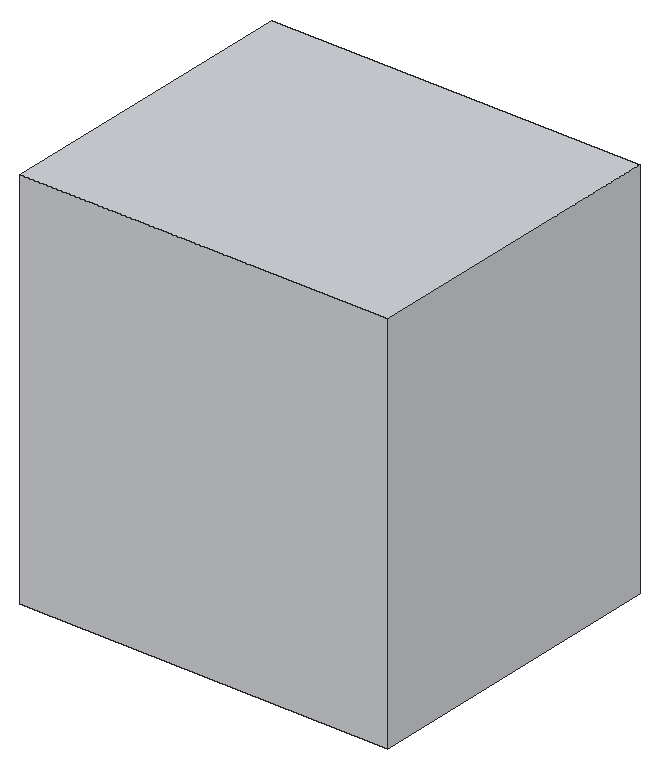
Revit family "M_Ventilador AHU da cobertura", category Equipamento mecânico, Revit 2019
Family settings
  Cota do conector redondo = Utilizar diâmetro
  Tipo de parte = Normal
  Número OmniClass = 23.75.35.14
  Título OmniClass = Air Handling Units
  ID de item do Seek = Rooftop AHU Fan-0000-CAN-ENU
  Com base no plano de trabalho = Não
  Sempre na vertical = Sim
  Corte com vazios quando carregada = Não
  Compartilhado = Não
  Ponto de cálculo do ambiente = Não
Parameters (values of type "Ventilador centrífugo - 700 L/s")
  Voltagem = 460 V
  Largura da unidade = Largura do duto  # 900 mm
  Comprimento da unidade = 1050 mm
  Altura da unidade = Altura do duto  # 1100 mm
  Forma da peça = "Duto retangular"
  Número de pólos = 3
  Modelo = "Tamanho do exterior 03"
  Classificação de carga = Refrigeração
  Pressão estática externa [instance] = 1120.0 Pa
  Largura do duto = 900 mm
  Altura do duto = 1100 mm
  Carga aparente = 626 VA
  Fluxo de ar [instance] = 700.0 L/s
Types (30, lengths in mm): name | Largura da unidade | Comprimento da unidade | Altura da unidade | Modelo | Pressão estática externa | Largura do duto | Altura do duto | Carga aparente | Fluxo de ar
  Ventilador do plenum - 700 L/s | 900 | 1200 | 1100 | "Tamanho do exterior 03" | 1493.0 Pa | 900 | 1100 | 626 VA | 700.0 L/s
  Ventilador do plenum - 1400 L/s | 1250 | 1400 | 1100 | "Tamanho do exterior 06" | 1493.0 Pa | 1250 | 1100 | 939 VA | 1400.0 L/s
  Ventilador do plenum - 1900 L/s | 1450 | 1100 | 1200 | "Tamanho do exterior 08" | 1493.0 Pa | 1450 | 1200 | 1252 VA | 1900.0 L/s
  Ventilador do plenum - 2350 L/s | 1800 | 1100 | 1200 | "Tamanho do exterior 10" | 1493.0 Pa | 1800 | 1200 | 1878 VA | 2350.0 L/s
  Ventilador do plenum - 2800 L/s | 1800 | 1200 | 1350 | "Tamanho do exterior 12" | 1493.0 Pa | 1800 | 1350 | 3130 VA | 2800.0 L/s
  Ventilador do plenum - 3300 L/s | 1900 | 1200 | 1350 | "Tamanho do exterior 14" | 1493.0 Pa | 1900 | 1350 | 4695 VA | 3300.0 L/s
  Ventilador do plenum - 4000 L/s | 2100 | 1250 | 1450 | "Tamanho do exterior 17" | 1493.0 Pa | 2100 | 1450 | 6260 VA | 4000.0 L/s
  Ventilador do plenum - 4950 L/s | 2100 | 1400 | 1700 | "Tamanho do exterior 21" | 1493.0 Pa | 2100 | 1700 | 9390 VA | 4950.0 L/s
  Ventilador do plenum - 5900 L/s | 2250 | 1400 | 1700 | "Tamanho do exterior 25" | 1493.0 Pa | 2250 | 1700 | 12520 VA | 5900.0 L/s
  Ventilador do plenum - 7100 L/s | 2700 | 1400 | 1700 | "Tamanho do exterior 30" | 1493.0 Pa | 2700 | 1700 | 15651 VA | 7100.0 L/s
  Ventilador curvado para frente - 700 L/s | 900 | 600 | 1100 | "Tamanho do exterior 03" | 1493.0 Pa | 900 | 1100 | 626 VA | 700.0 L/s
  Ventilador centrífugo - 700 L/s | 900 | 1050 | 1100 | "Tamanho do exterior 03" | 1120.0 Pa | 900 | 1100 | 626 VA | 700.0 L/s
  Ventilador centrífugo - 1400 L/s | 1250 | 1050 | 1100 | "Tamanho do exterior 06" | 1120.0 Pa | 1250 | 1100 | 939 VA | 1400.0 L/s
  Ventilador curvado para frente - 1400 L/s | 1250 | 800 | 1100 | "Tamanho do exterior 06" | 1493.0 Pa | 1250 | 1100 | 939 VA | 1400.0 L/s
  Ventilador centrífugo - 1900 L/s | 1450 | 900 | 1200 | "Tamanho do exterior 08" | 1120.0 Pa | 1450 | 1200 | 1252 VA | 1900.0 L/s
  Ventilador centrífugo - 2350 L/s | 1800 | 900 | 1200 | "Tamanho do exterior 10" | 1120.0 Pa | 1800 | 1200 | 1878 VA | 2350.0 L/s
  Ventilador centrífugo - 2850 L/s | 1800 | 1100 | 1350 | "Tamanho do exterior 12" | 1120.0 Pa | 1800 | 1350 | 3130 VA | 2850.0 L/s
  Ventilador centrífugo - 3300 L/s | 1900 | 1200 | 1350 | "Tamanho do exterior 14" | 1120.0 Pa | 1900 | 1350 | 4695 VA | 3300.0 L/s
  Ventilador centrífugo - 4000 L/s | 2100 | 1200 | 1400 | "Tamanho do exterior 17" | 1120.0 Pa | 2100 | 1400 | 6260 VA | 4000.0 L/s
  Ventilador centrífugo - 4950 L/s | 2100 | 1200 | 1700 | "Tamanho do exterior 21" | 1120.0 Pa | 2100 | 1700 | 9390 VA | 4950.0 L/s
  Ventilador centrífugo - 5900 L/s | 2250 | 1500 | 1700 | "Tamanho do exterior 25" | 1120.0 Pa | 2250 | 1700 | 12520 VA | 5900.0 L/s
  Ventilador centrífugo - 7100 L/s | 2700 | 1500 | 1700 | "Tamanho do exterior 30" | 1120.0 Pa | 2700 | 1700 | 15651 VA | 7100.0 L/s
  Ventilador curvado para frente - 7100 L/s | 2700 | 1500 | 1700 | "Tamanho do exterior 30" | 1493.0 Pa | 2700 | 1700 | 15651 VA | 7100.0 L/s
  Ventilador curvado para frente - 5900 L/s | 2250 | 1500 | 1700 | "Tamanho do exterior 25" | 1493.0 Pa | 2250 | 1700 | 12520 VA | 5900.0 L/s
  Ventilador curvado para frente - 4950 L/s | 2100 | 1200 | 1700 | "Tamanho do exterior 21" | 1493.0 Pa | 2100 | 1700 | 9390 VA | 4950.0 L/s
  Ventilador curvado para frente - 4000 L/s | 2100 | 1200 | 1400 | "Tamanho do exterior 17" | 1493.0 Pa | 2100 | 1400 | 6260 VA | 4000.0 L/s
  Ventilador curvado para frente - 3300 L/s | 1900 | 1200 | 1350 | "Tamanho do exterior 14" | 1493.0 Pa | 1900 | 1350 | 4695 VA | 3300.0 L/s
  Ventilador curvado para frente - 2850 L/s | 1800 | 1100 | 1350 | "Tamanho do exterior 12" | 1493.0 Pa | 1800 | 1350 | 3130 VA | 2850.0 L/s
  Ventilador curvado para frente - 2350 L/s | 1800 | 900 | 1200 | "Tamanho do exterior 10" | 1493.0 Pa | 1800 | 1200 | 1878 VA | 2350.0 L/s
  Ventilador curvado para frente - 1900 L/s | 1450 | 900 | 1200 | "Tamanho do exterior 08" | 1493.0 Pa | 1450 | 1200 | 1252 VA | 1900.0 L/s
Reference planes
  plane 1 "Centro (Frente/Trás)": y = 0
  plane 2: z = 0
  plane 3 "Centro (Esquerda/Direita)": x = 0
  plane 4: x = -1050
  plane 5: y = 900
  plane 6: z = 1100
Forms (mm)
  Extrusion 1, solid
    sketch origin (0, 0, 0) x (1, 0, 0) y (0, 1, 0)
      loop
        line (-1050, 900) -> (-1050, 0) -> (0, 0) -> (0, 900) -> (-1050, 900)
    from 0 to 1100
Dimensions and locks
  "Largura da unidade": plane 5 to plane 1 "Centro (Frente/Trás)"
  "Comprimento da unidade": plane 4 to plane 3 "Centro (Esquerda/Direita)"
  "Altura da unidade": plane 6 to plane 2
  aligned and locked: plane 4 to Extrusion 1 sketch curve
  aligned and locked: Extrusion 1 sketch curve to plane 5
  aligned and locked: plane 1 "Centro (Frente/Trás)" to Extrusion 1 sketch curve
  aligned and locked: Extrusion 1 sketch curve to plane 3 "Centro (Esquerda/Direita)"
  aligned and locked: Extrusion 1 to plane 2
  aligned and locked: plane 6 to Extrusion 1
Connectors
  hvac at (-1050, 450, 550), driven by "Fluxo de ar", driven by "Altura do duto", driven by "Largura do duto"
    settings: on Extrusion 1, index 1, duct flow 700.0 L/s, flow factor 0, pres drop 0.0 Pa, loss coef 0, conn angle 0.00°, conn width 900 mm, conn height 1100 mm, conn diameter 609.6 mm, duct sys type 1, conn prof type 1, flow config 0, flow direction 0, loss method 4, conn ref index 2, conn util no, is conn primary yes, conn desc ""
  hvac at (0, 450, 550), driven by "Fluxo de ar", driven by "Altura do duto", driven by "Largura do duto"
    settings: on Extrusion 1, index 2, duct flow 700.0 L/s, flow factor 0, pres drop 0.0 Pa, loss coef 0, conn angle 0.00°, conn width 900 mm, conn height 1100 mm, conn diameter 609.6 mm, duct sys type 1, conn prof type 1, flow config 0, flow direction 0, loss method 4, conn ref index 1, conn util no, is conn primary no, conn desc ""
  electrical at (-525, 0, 550), driven by "Carga aparente", driven by "Voltagem", driven by "Número de pólos", driven by "Classificação de carga"
    settings: on Extrusion 1, index 3, voltage 460 V, apparent load 626 VA, apparent load phase1 0 VA, apparent load phase2 0 VA, apparent load phase3 0 VA, power factor 0.8, load classification "Refrigeração", number of poles 3, system type 30, power factor state 1, is connector primary yes, connector utility no, sub classification motor no, connector description ""
